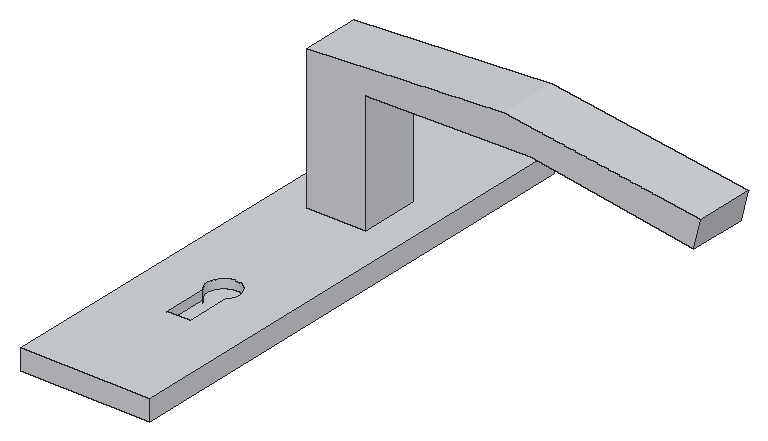
Revit family "BG_DORc_Handle-Type1", category Doors, host Face, Revit 2020
Family settings
  Host = Face
  Cut with Voids When Loaded = No
  Shared = No
  Room Calculation Point = No
Parameters (values of type "Typical")
  Width [instance] = 0 mm
  Thickness = 0 mm
  Hardware finish [instance] = none
  Height [instance] = 0 mm
  Default Elevation = 1219.2 mm
Reference planes
  plane 1 "Center (Front/Back)": y = 0
  plane 2: z = 0
  plane 3 "Center (Left/Right)": x = 0
Forms (mm)
  Extrusion 1, solid, material <- "Hardware finish"
    sketch origin (0, 0, 0) x (1, 0, 0) y (0, 1, 0)
      loop
        line (-22, 55) -> (-22, -117) -> (22, -117) -> (22, 55) -> (-22, 55)
      loop
        line (-4, -77) -> (4, -77) -> (4, -62)
        arc (4, -62) -> (0, -52.496) -> (-4, -62) r 5.594
        line (-4, -62) -> (-4, -77)
    from 0 to 6.964
  Extrusion 2, solid, material <- "Hardware finish"
    sketch origin (0, 0, 0) x (1, 0, 0) y (0, 0, 1)
      loop
        line (-10, 55.503) -> (-10, 6.964) -> (10, 6.964) -> (10, 48.152)
        arc (10, 48.152) -> (66.218, 49.291) -> (121.781, 40.663) r 323.022
        line (121.781, 40.663) -> (124.17, 50.374)
        arc (124.17, 50.374) -> (57.346, 59.77) -> (-10, 55.503) r 333.022
    from -10.044 to 10
  Extrusion 3, solid, material <- "Hardware finish"
    sketch origin (0, 0, 0) x (1, 0, 0) y (0, 1, 0)
      loop
        line (-4, -77) -> (4, -77) -> (4, -62)
        arc (4, -62) -> (0, -52.496) -> (-4, -62) r 5.594
        line (-4, -62) -> (-4, -77)
    from 0 to 4
Dimensions and locks
  aligned and locked: plane 2 to host face
  aligned and locked: level to host face
